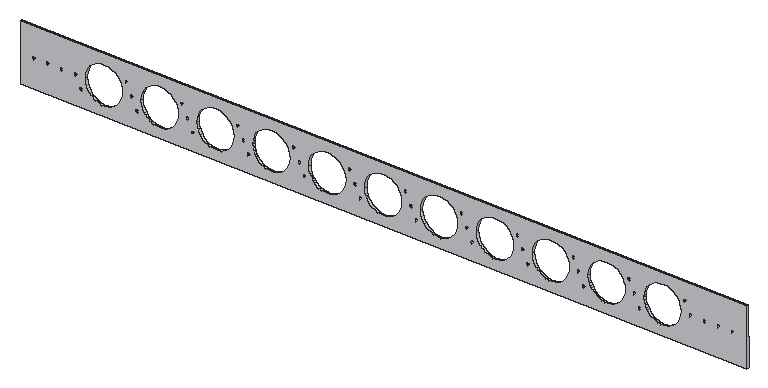
Revit family
Reference planes (in)
  plane 1 "Center (Front/Back)": y = 0
  plane 2: z = 0
  plane 3 "Center (Left/Right)": x = 0
Forms (in)
  Extrusion 1, solid
    sketch origin (0, 0, 0) x (1, 0, 0) y (0, 0, 1)
      loop
        line (-13, 2) -> (-13, 0) -> (13, 0) -> (13, 2) -> (-13, 2)
    from 0 to 0.0747
  Extrusion 2, void
    sketch origin (0, 0, 0) x (1, 0, 0) y (0, 0, 1)
      loop
        circle (-12.5, 1) r 0.0469
    from 0 to 0.0747
  Extrusion 3, void
    sketch origin (0.5, 0, 0) x (1, 0, 0) y (0, 0, 1)
      loop
        circle (-12.5, 1) r 0.0469
    from 0 to 0.0747
  Extrusion 4, void
    sketch origin (1, 0, 0) x (1, 0, 0) y (0, 0, 1)
      loop
        circle (-12.5, 1) r 0.0469
    from 0 to 0.0747
  Extrusion 5, void
    sketch origin (1.5, 0, 0) x (1, 0, 0) y (0, 0, 1)
      loop
        circle (-12.5, 1) r 0.0469
    from 0 to 0.0747
  Extrusion 6, void
    sketch origin (1.69, 0, -0.4) x (1, 0, 0) y (0, 0, 1)
      loop
        circle (-12.5, 1) r 0.0469
    from 0 to 0.0747
  Extrusion 7, void
    sketch origin (3.5, 0, 0) x (1, 0, 0) y (0, 0, 1)
      loop
        circle (-12.5, 1) r 0.0469
    from 0 to 0.0747
  Extrusion 8, void
    sketch origin (3.69, 0, -0.4) x (1, 0, 0) y (0, 0, 1)
      loop
        circle (-12.5, 1) r 0.0469
    from 0 to 0.0747
  Extrusion 9, void
    sketch origin (3.31, 0, 0.4) x (1, 0, 0) y (0, 0, 1)
      loop
        circle (-12.5, 1) r 0.0469
    from 0 to 0.0747
  Extrusion 10, void
    sketch origin (-2.36216, 0, 0) x (1, 0, 0) y (0, 0, 1)
      loop
        circle (-7.63784, 1) r 0.672
    from 0 to 0.0747
  Extrusion 11, void
    sketch origin (5.5, 0, 0) x (1, 0, 0) y (0, 0, 1)
      loop
        circle (-12.5, 1) r 0.0469
    from 0 to 0.0747
  Extrusion 12, void
    sketch origin (5.69, 0, -0.4) x (1, 0, 0) y (0, 0, 1)
      loop
        circle (-12.5, 1) r 0.0469
    from 0 to 0.0747
  Extrusion 13, void
    sketch origin (5.31, 0, 0.4) x (1, 0, 0) y (0, 0, 1)
      loop
        circle (-12.5, 1) r 0.0469
    from 0 to 0.0747
  Extrusion 14, void
    sketch origin (7.5, 0, 0) x (1, 0, 0) y (0, 0, 1)
      loop
        circle (-12.5, 1) r 0.0469
    from 0 to 0.0747
  Extrusion 15, void
    sketch origin (7.69, 0, -0.4) x (1, 0, 0) y (0, 0, 1)
      loop
        circle (-12.5, 1) r 0.0469
    from 0 to 0.0747
  Extrusion 16, void
    sketch origin (7.31, 0, 0.4) x (1, 0, 0) y (0, 0, 1)
      loop
        circle (-12.5, 1) r 0.0469
    from 0 to 0.0747
  Extrusion 17, void
    sketch origin (9.5, 0, 0) x (1, 0, 0) y (0, 0, 1)
      loop
        circle (-12.5, 1) r 0.0469
    from 0 to 0.0747
  Extrusion 18, void
    sketch origin (9.69, 0, -0.4) x (1, 0, 0) y (0, 0, 1)
      loop
        circle (-12.5, 1) r 0.0469
    from 0 to 0.0747
  Extrusion 19, void
    sketch origin (9.31, 0, 0.4) x (1, 0, 0) y (0, 0, 1)
      loop
        circle (-12.5, 1) r 0.0469
    from 0 to 0.0747
  Extrusion 20, void
    sketch origin (11.5, 0, 0) x (1, 0, 0) y (0, 0, 1)
      loop
        circle (-12.5, 1) r 0.0469
    from 0 to 0.0747
  Extrusion 21, void
    sketch origin (11.69, 0, -0.4) x (1, 0, 0) y (0, 0, 1)
      loop
        circle (-12.5, 1) r 0.0469
    from 0 to 0.0747
  Extrusion 22, void
    sketch origin (11.31, 0, 0.4) x (1, 0, 0) y (0, 0, 1)
      loop
        circle (-12.5, 1) r 0.0469
    from 0 to 0.0747
  Extrusion 23, void
    sketch origin (13.5, 0, 0) x (1, 0, 0) y (0, 0, 1)
      loop
        circle (-12.5, 1) r 0.0469
    from 0 to 0.0747
  Extrusion 24, void
    sketch origin (13.69, 0, -0.4) x (1, 0, 0) y (0, 0, 1)
      loop
        circle (-12.5, 1) r 0.0469
    from 0 to 0.0747
  Extrusion 25, void
    sketch origin (13.31, 0, 0.4) x (1, 0, 0) y (0, 0, 1)
      loop
        circle (-12.5, 1) r 0.0469
    from 0 to 0.0747
  Extrusion 26, void
    sketch origin (15.5, 0, 0) x (1, 0, 0) y (0, 0, 1)
      loop
        circle (-12.5, 1) r 0.0469
    from 0 to 0.0747
  Extrusion 27, void
    sketch origin (15.69, 0, -0.4) x (1, 0, 0) y (0, 0, 1)
      loop
        circle (-12.5, 1) r 0.0469
    from 0 to 0.0747
  Extrusion 28, void
    sketch origin (15.31, 0, 0.4) x (1, 0, 0) y (0, 0, 1)
      loop
        circle (-12.5, 1) r 0.0469
    from 0 to 0.0747
  Extrusion 29, void
    sketch origin (17.5, 0, 0) x (1, 0, 0) y (0, 0, 1)
      loop
        circle (-12.5, 1) r 0.0469
    from 0 to 0.0747
  Extrusion 30, void
    sketch origin (17.69, 0, -0.4) x (1, 0, 0) y (0, 0, 1)
      loop
        circle (-12.5, 1) r 0.0469
    from 0 to 0.0747
  Extrusion 31, void
    sketch origin (17.31, 0, 0.4) x (1, 0, 0) y (0, 0, 1)
      loop
        circle (-12.5, 1) r 0.0469
    from 0 to 0.0747
  Extrusion 32, void
    sketch origin (19.5, 0, 0) x (1, 0, 0) y (0, 0, 1)
      loop
        circle (-12.5, 1) r 0.0469
    from 0 to 0.0747
  Extrusion 33, void
    sketch origin (19.69, 0, -0.4) x (1, 0, 0) y (0, 0, 1)
      loop
        circle (-12.5, 1) r 0.0469
    from 0 to 0.0747
  Extrusion 34, void
    sketch origin (19.31, 0, 0.4) x (1, 0, 0) y (0, 0, 1)
      loop
        circle (-12.5, 1) r 0.0469
    from 0 to 0.0747
  Extrusion 35, void
    sketch origin (21.5, 0, 0) x (1, 0, 0) y (0, 0, 1)
      loop
        circle (-12.5, 1) r 0.0469
    from 0 to 0.0747
  Extrusion 36, void
    sketch origin (21.69, 0, -0.4) x (1, 0, 0) y (0, 0, 1)
      loop
        circle (-12.5, 1) r 0.0469
    from 0 to 0.0747
  Extrusion 37, void
    sketch origin (21.31, 0, 0.4) x (1, 0, 0) y (0, 0, 1)
      loop
        circle (-12.5, 1) r 0.0469
    from 0 to 0.0747
  Extrusion 38, void
    sketch origin (23.5, 0, 0) x (1, 0, 0) y (0, 0, 1)
      loop
        circle (-12.5, 1) r 0.0469
    from 0 to 0.0747
  Extrusion 39, void
    sketch origin (23.31, 0, 0.4) x (1, 0, 0) y (0, 0, 1)
      loop
        circle (-12.5, 1) r 0.0469
    from 0 to 0.0747
  Extrusion 40, void
    sketch origin (-0.36216, 0, 0) x (1, 0, 0) y (0, 0, 1)
      loop
        circle (-7.63784, 1) r 0.672
    from 0 to 0.0747
  Extrusion 41, void
    sketch origin (1.63784, 0, 0) x (1, 0, 0) y (0, 0, 1)
      loop
        circle (-7.63784, 1) r 0.672
    from 0 to 0.0747
  Extrusion 42, void
    sketch origin (3.63784, 0, 0) x (1, 0, 0) y (0, 0, 1)
      loop
        circle (-7.63784, 1) r 0.672
    from 0 to 0.0747
  Extrusion 43, void
    sketch origin (5.63784, 0, 0) x (1, 0, 0) y (0, 0, 1)
      loop
        circle (-7.63784, 1) r 0.672
    from 0 to 0.0747
  Extrusion 44, void
    sketch origin (7.63784, 0, 0) x (1, 0, 0) y (0, 0, 1)
      loop
        circle (-7.63784, 1) r 0.672
    from 0 to 0.0747
  Extrusion 45, void
    sketch origin (9.63784, 0, 0) x (1, 0, 0) y (0, 0, 1)
      loop
        circle (-7.63784, 1) r 0.672
    from 0 to 0.0747
  Extrusion 46, void
    sketch origin (11.63784, 0, 0) x (1, 0, 0) y (0, 0, 1)
      loop
        circle (-7.63784, 1) r 0.672
    from 0 to 0.0747
  Extrusion 47, void
    sketch origin (13.63784, 0, 0) x (1, 0, 0) y (0, 0, 1)
      loop
        circle (-7.63784, 1) r 0.672
    from 0 to 0.0747
  Extrusion 48, void
    sketch origin (15.63784, 0, 0) x (1, 0, 0) y (0, 0, 1)
      loop
        circle (-7.63784, 1) r 0.672
    from 0 to 0.0747
  Extrusion 49, void
    sketch origin (17.63784, 0, 0) x (1, 0, 0) y (0, 0, 1)
      loop
        circle (-7.63784, 1) r 0.672
    from 0 to 0.0747
  Extrusion 50, void
    sketch origin (0, 0, 0) x (-1, 0, 0) y (0, 0, -1)
      loop
        circle (-12.5, -1) r 0.0469
    from 0 to 0.0747
  Extrusion 51, void
    sketch origin (-0.5, 0, 0) x (-1, 0, 0) y (0, 0, -1)
      loop
        circle (-12.5, -1) r 0.0469
    from 0 to 0.0747
  Extrusion 52, void
    sketch origin (-1, 0, 0) x (-1, 0, 0) y (0, 0, -1)
      loop
        circle (-12.5, -1) r 0.0469
    from 0 to 0.0747
Cuts and joins
  Extrusion 2, Extrusion 3, Extrusion 4, Extrusion 5, Extrusion 6, Extrusion 7, Extrusion 8, Extrusion 9, Extrusion 10, Extrusion 11, Extrusion 12, Extrusion 13, Extrusion 14, Extrusion 15, Extrusion 16, Extrusion 17, Extrusion 18, Extrusion 19, Extrusion 20, Extrusion 21, Extrusion 22, Extrusion 23, Extrusion 24, Extrusion 25, Extrusion 26, Extrusion 27, Extrusion 28, Extrusion 29, Extrusion 30, Extrusion 31, Extrusion 32, Extrusion 33, Extrusion 34, Extrusion 35, Extrusion 36, Extrusion 37, Extrusion 38, Extrusion 39, Extrusion 40, Extrusion 41, Extrusion 42, Extrusion 43, Extrusion 44, Extrusion 45, Extrusion 46, Extrusion 47, Extrusion 48, Extrusion 49, Extrusion 50, Extrusion 51, Extrusion 52 cuts Extrusion 1
Dimensions and locks (in)
  locked: Extrusion 1 to Extrusion 1 at 26
  aligned and locked: plane 2 to level
  aligned and locked: Extrusion 1 to Extrusion 5
  aligned and locked: Extrusion 1 to Extrusion 4
  aligned and locked: Extrusion 2 to plane 1 "Center (Front/Back)"
  aligned and locked: Extrusion 1 to Extrusion 2
  aligned and locked: Extrusion 4 to plane 1 "Center (Front/Back)"
  aligned and locked: Extrusion 3 to plane 1 "Center (Front/Back)"
  aligned and locked: Extrusion 1 to Extrusion 3
  aligned and locked: Extrusion 1 to Extrusion 6
  aligned and locked: Extrusion 8 to plane 1 "Center (Front/Back)"
  aligned and locked: Extrusion 1 to Extrusion 8
  aligned and locked: Extrusion 7 to plane 1 "Center (Front/Back)"
  aligned and locked: Extrusion 1 to Extrusion 7
  aligned and locked: Extrusion 9 to plane 1 "Center (Front/Back)"
  aligned and locked: Extrusion 1 to Extrusion 9
  aligned and locked: Extrusion 6 to plane 1 "Center (Front/Back)"
  aligned and locked: Extrusion 10 to plane 1 "Center (Front/Back)"
  aligned and locked: Extrusion 1 to Extrusion 10
